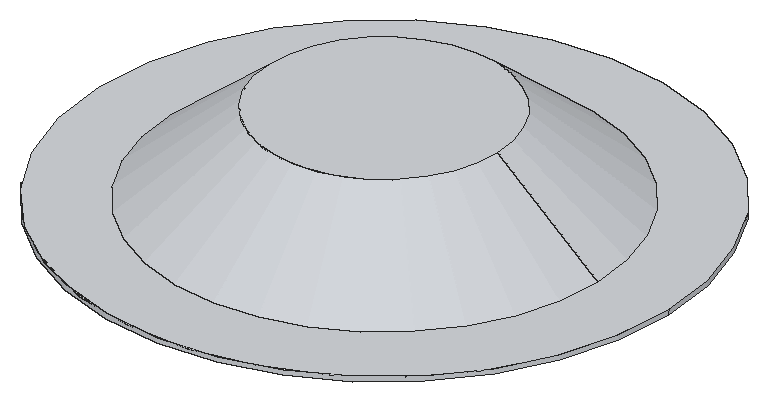
Revit family "Difusor de suprimento - Redondo", category Terminais de ar, Revit 2019
Family settings
  Cota do conector redondo = Usar raio
  Tipo de parte = Normal
  ID de item do Seek = Supply Diffuser-0000-CAN-ENU
  Com base no plano de trabalho = Não
  Sempre na vertical = Sim
  Corte com vazios quando carregada = Não
  Compartilhado = Não
  Ponto de cálculo do ambiente = Não
Parameters (values of type "Padrão")
  Queda de pressão [instance] = 0.0 Pa
  Raio da lâmina 4 = Raio da grelha * 4 / 5  # 240 mm
  Raio da lâmina 3 = Raio da grelha * 3 / 5  # 180 mm
  Raio da lâmina 2 = Raio da grelha * 2 / 5  # 120 mm
  Raio da lâmina 1 = Raio da grelha * 1 / 5  # 60 mm
  Raio da grelha = Diâmetro da grelha / 2  # 300 mm
  Diâmetro da grelha = 600 mm
  Raio do duto = 120 mm
  Fluxo [instance] = 235.0 L/s
  Diâmetro do duto = Raio do duto * 2  # 240 mm
  Raio do difusor 2 = Diâmetro 1 / 2  # 120 mm
  Raio do difusor 1 = Diâmetro do difusor / 2  # 225 mm
  Material do difusor = none
  Altura do difusor = 90 mm
  Diâmetro 1 = Diâmetro do duto  # 240 mm
  Diâmetro do difusor = 450 mm
  Assembly Code = ""
Reference planes
  plane 1 "Centro (frente/trás)": y = 0
  plane 2: z = 0
  plane 3 "Centro (direita/esquerda)": x = 0
  plane 4 "Inferior": z = 0
  plane 5 "Superior": z = 85
  plane 6 "Face da grelha": z = -5
Forms (mm)
  Blend 1, solid, material <- "Material do difusor"
    base sketch origin (0, 0, 0) x (1, 0, 0) y (0, 1, 0)
      loop
        circle (0, 0) r 225
    top sketch origin (0, 0, 0) x (1, 0, 0) y (0, 1, 0)
      loop
        circle (0, 0) r 120
    from 0 to 85
  Extrusion 2, solid, material <- "Material do difusor"
    sketch origin (0, 0, 0) x (1, 0, 0) y (0, 1, 0)
      loop
        circle (0, 0) r 300
    from 0 to -5
Lines and regions (mm)
  model lines
    curve 1: circle (0, 0, -5) r 60 normal (0, 0, 1)
    curve 2: circle (0, 0, -5) r 120 normal (0, 0, 1)
    curve 3: circle (0, 0, -5) r 180 normal (0, 0, 1)
    curve 4: circle (0, 0, -5) r 240 normal (0, 0, 1)
Dimensions and locks
  locked: plane 4 "Inferior" to plane 6 "Face da grelha" at 5
  "Altura do difusor": plane 5 "Superior" to plane 6 "Face da grelha"
  "Raio do difusor 1": radius of Blend 1 sketch curve
  "Raio do difusor 2": radius of Blend 1 sketch curve
  "Raio da grelha": radius of Extrusion 2 sketch curve
  "Raio da lâmina 1": radius of curve 1
  "Raio da lâmina 2": radius of curve 2
  "Raio da lâmina 3": radius of curve 3
  "Raio da lâmina 4": radius of curve 4
  aligned and locked: Blend 1 to plane 4 "Inferior"
  aligned and locked: plane 5 "Superior" to Blend 1
  aligned and locked: Extrusion 2 to plane 6 "Face da grelha"
Automatic sketch dimensions
  plane 1 "Centro (frente/trás)" to Blend 1 sketch curve = 0 mm  (x2)
  Blend 1 sketch curve to plane 3 "Centro (direita/esquerda)" = 0 mm  (x2)
  plane 1 "Centro (frente/trás)" to Extrusion 2 sketch curve = 0 mm
  Extrusion 2 sketch curve to plane 3 "Centro (direita/esquerda)" = 0 mm
  curve 1 to curve 3 = 0 mm  (x2)
  curve 1 to curve 4 = 0 mm  (x2)
  curve 2 to curve 3 = 0 mm  (x2)
  plane 1 "Centro (frente/trás)" to curve 2 = 0 mm
  curve 2 to plane 3 "Centro (direita/esquerda)" = 0 mm
Connectors
  hvac at (0, 0, 85), driven by "Raio do duto", driven by "Fluxo", driven by "Queda de pressão"
    settings: on Blend 1, index 1, duct flow 235.0 L/s, flow factor 0, pres drop 0.0 Pa, loss coef 0, conn angle 0.00°, conn width 304.8 mm, conn height 304.8 mm, conn diameter 240 mm, duct sys type 1, conn prof type 0, flow config 1, flow direction 1, loss method 4, conn ref index -1, conn util no, is conn primary yes, conn desc "Entrada de ar"
Types in the file's own list only (9): name | Raio da lâmina 4 | Raio da lâmina 3 | Raio da lâmina 2 | Raio da lâmina 1 | Raio da grelha | Diâmetro da grelha | Raio do duto | Diâmetro do duto | Raio do difusor 2 | Raio do difusor 1 | Altura do difusor | Diâmetro 1 | Diâmetro do difusor
  192mm | 98 mm | 73 mm | 49 mm | 24 mm | 122 mm | 244 mm | 75 mm | 150 mm | 75 mm | 96 mm | 35 mm | 150 mm | 192 mm
  248mm | 120 mm | 90 mm | 60 mm | 30 mm | 150 mm | 300 mm | 100 mm | 200 mm | 100 mm | 124 mm | 35 mm | 200 mm | 248 mm
  304mm | 142 mm | 107 mm | 71 mm | 36 mm | 178 mm | 356 mm | 125 mm | 250 mm | 125 mm | 152 mm | 35 mm | 250 mm | 304 mm
  360mm | 165 mm | 124 mm | 82 mm | 41 mm | 206 mm | 412 mm | 150 mm | 300 mm | 150 mm | 180 mm | 35 mm | 300 mm | 360 mm
  416mm | 187 mm | 140 mm | 94 mm | 47 mm | 234 mm | 468 mm | 178 mm | 355 mm | 178 mm | 208 mm | 35 mm | 355 mm | 416 mm
  472mm | 217 mm | 163 mm | 108 mm | 54 mm | 271 mm | 542 mm | 200 mm | 400 mm | 200 mm | 238 mm | 35 mm | 400 mm | 476 mm
  528mm | 239 mm | 179 mm | 120 mm | 60 mm | 299 mm | 598 mm | 225 mm | 450 mm | 225 mm | 264 mm | 35 mm | 450 mm | 528 mm
  584mm | 262 mm | 196 mm | 131 mm | 65 mm | 327 mm | 654 mm | 250 mm | 500 mm | 250 mm | 292 mm | 35 mm | 500 mm | 584 mm
  640mm | 284 mm | 213 mm | 142 mm | 71 mm | 355 mm | 710 mm | 280 mm | 560 mm | 280 mm | 320 mm | 35 mm | 560 mm | 640 mm
